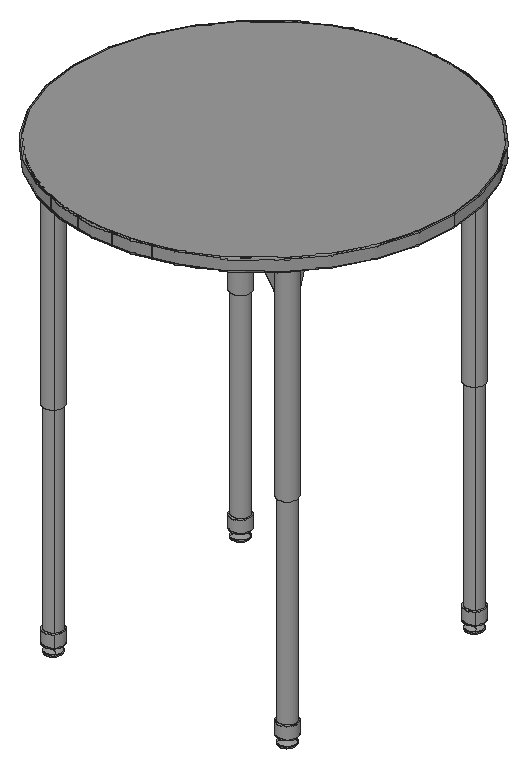
Revit family "Hierarchy Activity 36in Round Table - Standing Height", category Furniture, Revit 2018
Family settings
  Work Plane-Based = No
  Always vertical = Yes
  Cut with Voids When Loaded = No
  Shared = No
  Room Calculation Point = No
Parameters
  Table Height = 3' - 5"
  Surface = Hierarchy Activity 36" Round Table Standing Surface
  Leg Finish = Hierarchy Leg Platinum
  Edgeband = Hierarchy Activity 36" Round Table Standing Edgeband
  Caster/Glide = Hierarchy Standing Leg - Glide : Hierarchy Standing Leg - Glide
Reference planes (in)
  plane 1 "Center (Front/Back)": y = 0
  plane 2: z = 0
  plane 3 "Center (Left/Right)": x = 0
  plane 4: z = 41
Dimensions and locks (in)
  "Table Height": plane 4 to level
  aligned and locked: plane 2 to level
  aligned and locked: nested 1 to plane 4
Nested families (in)
  nested 1: "Activity 36 Round Tabletop" at (0, 0, 17.075), type "Activity 36 Round Tabletop"
  nested 2: "Hierarchy Standing Leg - Glide" at (-11, 11, 0) x (0.7071, 0.7071, 0) z (0, 0, 1), type <- "Caster/Glide", Leg Finish <- "Leg Finish", Leg Height <- "Table Height", type "Hierarchy Standing Leg - Glide"
  nested 3: "Hierarchy Standing Leg - Glide" at (-11, -11, 0) x (-0.7071, 0.7071, 0) z (0, 0, 1), type <- "Caster/Glide", Leg Finish <- "Leg Finish", Leg Height <- "Table Height", type "Hierarchy Standing Leg - Glide"
  nested 4: "Hierarchy Standing Leg - Glide" at (11, -11, 0) x (-0.7071, -0.7071, 0) z (0, 0, 1), Leg Finish <- "Leg Finish", Leg Height <- "Table Height", type "Hierarchy Standing Leg - Glide"
  nested 5: "Hierarchy Standing Leg - Glide" at (11, 11, 0) x (0.7071, -0.7071, 0) z (0, 0, 1), Leg Finish <- "Leg Finish", Leg Height <- "Table Height", type "Hierarchy Standing Leg - Glide"
Definition of nested family "Activity 36 Round Tabletop"
  Parameters (values of type "Activity 36 Round Tabletop")
    Surface = none
    Edgeband = none
  Reference planes (in)
    plane 1 "Center (Front/Back)": y = 0
    plane 2: z = 0
    plane 3 "Center (Left/Right)": x = 0
  Forms (in)
    Extrusion 1, solid, material <- "Surface"
      sketch origin (0, 0, 0) x (1, 0, 0) y (0, 1, 0)
        loop
          circle (0, 0) r 17.81944
      from 23.925 to 25.125
    Sweep 2, solid, material <- "Edgeband"
      path origin (0, 0, 0) x (1, 0, 0) y (0, 1, 0)
        loop
          circle (0, 0) r 17.81944
      profile origin (0, 17.81944, 0) x (0, -1, 0) y (0, 0, 1)
        loop
          arc (0.0021, 25.125) -> (-0.06861, 25.09571) -> (-0.0979, 25.025) r 0.1
          line (-0.0979, 25.025) -> (-0.0979, 24.025)
          arc (-0.0979, 24.025) -> (-0.06861, 23.95429) -> (0.0021, 23.925) r 0.1
          line (0.0021, 23.925) -> (0.0021, 25.125)
  Dimensions and locks (in)
    aligned and locked: plane 2 to level
Definition of nested family "Hierarchy Standing Leg - Glide"
  Parameters (values of type "Hierarchy Standing Leg - Glide")
    Leg Finish [instance] = none
    Leg Height [instance] = 3' - 5"
  Reference planes (in)
    plane 1 "Center (Front/Back)": y = 0
    plane 2: z = 0
    plane 3 "Center (Left/Right)": x = 0
  Forms (in)
    Extrusion 1, solid
      sketch origin (-0.01562, 0, 0) x (1, 0, 0) y (0, 1, 0)
        loop
          circle (0.01563, 0) r 0.79147
      from 2 to 23.175
    Revolve 2, solid
      sketch origin (0, 0, 0) x (1, 0, 0) y (0, 0, 1)
        loop
          line (0, 2) -> (0, 0.74937) -> (0.84838, 0.74937)
          arc (0.84838, 0.74937) -> (0.89342, 0.76803) -> (0.91207, 0.81306) r 0.06369
          line (0.91207, 0.81306) -> (0.91207, 1.93631)
          arc (0.91207, 1.93631) -> (0.89342, 1.98134) -> (0.84838, 2) r 0.06369
          line (0.84838, 2) -> (0, 2)
        axis (0, 2) -> (0, 0.74937)
      angle from 0 to 360
    Revolve 3, solid
      sketch origin (0, 0, 0) x (1, 0, 0) y (0, 0, 1)
        loop
          line (0, 0.75) -> (0, 0) -> (0.74583, 0) -> (0.79147, 0.09013) -> (0.79147, 0.16241) -> (0.12474, 0.5) -> (0.12474, 0.75) -> (0, 0.75)
        axis (0, 0.75) -> (0, 0)
      angle from 0 to 360
  Dimensions and locks (in)
    "Leg Height": nested 1 to level
    aligned and locked: plane 2 to level
  Automatic sketch dimensions
    plane 1 "Center (Front/Back)" to Extrusion 1 sketch curve = 0' - 0"
    Extrusion 1 sketch curve to plane 3 "Center (Left/Right)" = 0' - 0"
    Revolve 2 sketch curve to plane 3 "Center (Left/Right)" = 0' - 0"  (x2)
    plane 3 "Center (Left/Right)" to Revolve 2 sketch curve = 0' - 0.84838"
    Revolve 2 sketch curve to Revolve 2 sketch curve = 0' - 0.84838"
    Revolve 2 sketch curve to Revolve 2 sketch curve = 0' - 0.06369"
    level to Revolve 2 sketch curve = 0' - 0.74937"
    Revolve 2 sketch curve to Revolve 2 sketch curve = 0' - 1.12324"
    Revolve 2 sketch curve to Revolve 2 sketch curve = 0' - 0.13731"
    Revolve 2 sketch curve to Revolve 2 sketch curve = 0' - 0 3/4"
    Revolve 3 sketch curve to plane 3 "Center (Left/Right)" = 0' - 0"  (x2)
    Revolve 3 sketch curve to level = 0' - 0"
    plane 3 "Center (Left/Right)" to Revolve 3 sketch curve = 0' - 0.12474"
    plane 3 "Center (Left/Right)" to Revolve 3 sketch curve = 0' - 0.74583"
    Revolve 3 sketch curve to Revolve 3 sketch curve = 0' - 0.04564"
    level to Revolve 3 sketch curve = 0' - 0.09013"
    Revolve 3 sketch curve to Revolve 3 sketch curve = 0' - 0.07228"
    level to Revolve 3 sketch curve = 0' - 0 1/2"
    Revolve 3 sketch curve to Revolve 3 sketch curve = 0' - 0 1/4"
    Revolve 3 sketch curve to level = 0' - 0 1/8"
    Revolve 3 sketch curve to Revolve 3 sketch curve = 0' - 0 1/8"
    radius of Extrusion 1 sketch curve = 0' - 0.79147"
  Nested families (in)
    nested 1: "Hierarchy Standing Upper Leg 2023" at (0, 0, 0.19983), Leg Finish <- "Leg Finish", type "Hierarchy Standing Upper Leg 2023"
      with Leg Finish none
  Definition of nested family "Hierarchy Standing Upper Leg 2023"
    Parameters (values of type "Hierarchy Standing Upper Leg 2023")
      Leg Finish [instance] = none
    Reference planes (in)
      plane 1 "Center (Front/Back)": y = 0
      plane 2: z = 0
      plane 3 "Center (Left/Right)": x = 0
    Forms (in)
      Extrusion 1, solid, material <- "Leg Finish"
        sketch origin (0, 0, 0) x (1, 0, 0) y (0, 1, 0)
          loop
            circle (0, 0) r 0.9129
        from 20.67418 to 40.67418
      Extrusion 2, solid, material <- "Leg Finish"
        sketch origin (0, 0, 12.998) x (1, 0, 0) y (0, 1, 0)
          loop
            line (-1.70174, 0.19183) -> (-3.96611, -4.49738)
            arc (-3.96611, -4.49738) -> (-3.91977, -5.33444) -> (-3.18615, -5.74016) r 0.86614
            line (-3.18615, -5.74016) -> (3.18615, -5.74016)
            arc (3.18615, -5.74016) -> (3.91977, -5.33444) -> (3.96611, -4.49738) r 0.86614
            line (3.96611, -4.49738) -> (1.70174, 0.19183)
            arc (1.70174, 0.19183) -> (0, 1.25984) -> (-1.70174, 0.19183) r 1.88976
        from 27.67618 to 27.80217
      Extrusion 3, solid, material <- "Leg Finish"
        sketch origin (12.41967, 1.58692, 0) x (0.434844, 0.900506, 0) y (0, 0, 1)
          loop
            arc (-12.68776, 40.67418) -> (-12.80559, 40.56418) -> (-12.70394, 40.43908) r 0.11811
            arc (-12.70394, 40.43908) -> (-9.98192, 39.53509) -> (-7.76426, 37.71614) r 7.87402
            arc (-7.76426, 37.71614) -> (-7.63344, 37.68136) -> (-7.55587, 37.79229) r 0.11811
            line (-7.55587, 37.79229) -> (-7.55587, 40.67418) -> (-12.68776, 40.67418)
        from -11.10976 to -10.98378
      Extrusion 4, solid, material <- "Leg Finish"
        sketch origin (-12.41967, 1.58692, 0) x (-0.434844, 0.900506, 0) y (0, 0, -1)
          loop
            line (-12.68776, -40.67418) -> (-7.55587, -40.67418) -> (-7.55587, -37.79229)
            arc (-7.55587, -37.79229) -> (-7.63344, -37.68136) -> (-7.76426, -37.71614) r 0.11811
            arc (-7.76426, -37.71614) -> (-9.98192, -39.53509) -> (-12.70394, -40.43908) r 7.87402
            arc (-12.70394, -40.43908) -> (-12.80559, -40.56418) -> (-12.68776, -40.67418) r 0.11811
        from -11.10976 to -10.98378
    Dimensions and locks (in)
      aligned and locked: plane 2 to level
